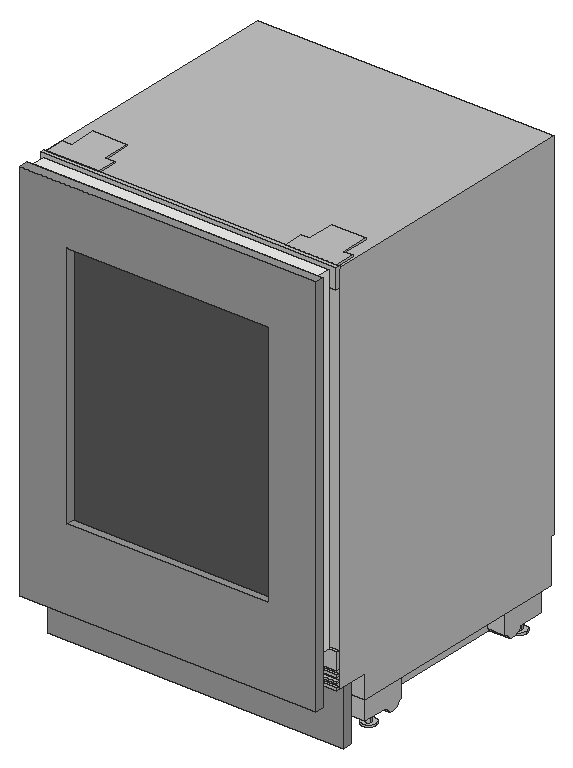
Revit family "FP-Revit19-en-RS2435V2RT1-RS2435V2R1-RS2435SBLT1-RS2435SBL1-integrated-refrigerator-0-90003380A", category Specialty Equipment, Revit 2019
Family settings
  Round Connector Dimension = Use Diameter
  Part Type = Normal
  OmniClass Number = 23.40.40.11.11
  OmniClass Title = Refrigerators and Freezers
  Work Plane-Based = No
  Always vertical = Yes
  Cut with Voids When Loaded = Yes
  Shared = No
  Room Calculation Point = No
Parameters (values of type "RS2435V2RT1")
  Visibility - Window Glass = yes
  Visibility - Toe Kick Panel [instance] = yes
  Visibility - Clearance Required RH [instance] = yes
  Visibility - Clearance Required LH [instance] = no
  URL = "www.fisherpaykel.com"
  Door Panel (with window) [instance] = yes
  Panel - Height = 771 mm
  Panel - Width [instance] = 592 mm
  Panel - Thickness [instance] = 18 mm
  Door Panel (no window) [instance] = no
  Product - Width = 592 mm  # constant formula
  Product - Height [instance] = ([Cavity - Height (864mm - 920mm)])  # 870 mm
  Product - Depth (exl front panel) = 579 mm  # constant formula
  Model = "RS2435V2RT1"
  Material - Door Structure = Fisher & Paykel - White
  Material - Door Front [instance] = Oak, White
  Material - Body = Fisher & Paykel - Grey
  Manufacturer = "Fisher & Paykel Appliances"
  Handle Style - Professional Round Flush (AHP3RD35) [instance] = no
  Handle Style - Contemporary Square Fine Black (AHD5RD35B) [instance] = no
  Handle Style - Contemporary Square Fine (AHD5RD35) [instance] = no
  Handle Style - Contemporary Round (AHSRD35) [instance] = no
  Handle Style - Classic Round (AHCLRD35) [instance] = no
  Handle Offset = 529 mm
  Description = "24\" Integrated Wine Cabinet"
  Depth of toe kick (excl. door and toe kick panels) [instance] = 70 mm
  Connector Description - Electrical = "120 V, 60 Hz, 10 A circuit"
  Cavity - Width = 600 mm  # constant formula
  Cavity - Height (864mm - 920mm) [instance] = 870 mm
  Cavity - Depth (600mm min with services external) = 600 mm
Types (5, lengths in mm): name | Visibility - Window Glass | Visibility - Clearance Required RH | Visibility - Clearance Required LH | Door Panel (with window) | Door Panel (no window) | Model | Handle Offset | Description
  (no name) | yes | yes | no | yes | no | "RS2435V2RT1" | 529 | "24\" Integrated Wine Cabinet"
  RS2435V2RT1 | yes | yes | no | yes | no | "RS2435V2RT1" | 529 | "24\" Integrated Wine Cabinet"
  RS2435SBL1 | no | no | yes | no | yes | "RS2435SBL1" | 62.95 | "24\" Integrated Beverage Centre"
  RS2435V2R1 | no | yes | no | no | yes | "RS2435V2R1" | 529 | "24\" Integrated Wine Cabinet"
  RS2435SBLT1 | yes | no | yes | yes | no | "RS2435SBLT1" | 62.95 | "24\" Integrated Beverage Centre"
Reference planes
  plane 1 "Datum": y = 0
  plane 2: z = 0
  plane 3 "Center (Left/Right)": x = 0
  plane 4 "Product LHS": x = -296
  plane 5 "Product RHS": x = 296
  plane 6 "Cavity LHS": x = -300
  plane 7 "Cavity RHS": x = 300
  plane 8 "Cavity - Depth": y = 582
  plane 9 "Cavity Height": z = 870
  plane 10 "Panel Thickness": y = -18
  plane 11 "Base": z = 15.3
  plane 12 "Top of Panel": z = 867
  plane 13 "Product - Depth": y = 579
  plane 14 "handle - offset": x = -233
  plane 15 "Handle - Centre": z = 497
  plane 16 "Bottom of Panel": z = 96
Forms (mm)
  Extrusion 1, solid, material "Fisher & Paykel - Grey" <- "Material - Body"
    sketch origin (0, 0, 0) x (0, 1, 0) y (0, 0, 1)
      loop
        line (105, 63.3) -> (571, 63.3) -> (571, 151) -> (579, 151) -> (579, 867) -> (43, 867) -> (43, 111) -> (105, 111) -> (105, 63.3)
    from -296 to 296
  Extrusion 2, solid, material "Fisher & Paykel - Grey" <- "Material - Body"
    sketch origin (0, 0, 0) x (1, 0, 0) y (0, 0, 1)
      loop
        circle (87.01, 32.007) r 5
    from -579 to -571
  Extrusion 3, solid, material "Oak, White" <- "Material - Door Front", visible <- "Door Panel (no window)"
    sketch origin (0, 0, 21.503) x (0, 1, 0) y (0, 0, 1)
      loop
        line (-18, 845.497) -> (-18, 74.497) -> (0, 74.497) -> (0, 845.497) -> (-18, 845.497)
    from -296 to 296
  Extrusion 4, solid, material "Fisher & Paykel - White" <- "Material - Door Structure"
    sketch origin (0, 0, 0) x (1, 0, 0) y (0, 1, 0)
      loop
        line (-286, 29) -> (-286, 1.5) -> (286, 1.5) -> (286, 29) -> (-286, 29)
    from 184.7 to 865.7
  Extrusion 5, solid, material "Fisher & Paykel - White" <- "Material - Door Structure"
    sketch origin (0, 0, 0) x (1, 0, 0) y (0, 1, 0)
      loop
        line (-275, 43) -> (-275, 29) -> (275, 29) -> (275, 43) -> (-275, 43)
    from 185 to 830
  Extrusion 6, solid, material "Fisher & Paykel - Clearance Required", visible <- "Visibility - Clearance Required LH", detail levels coarse
    sketch origin (0, -8.858, 0) x (1, 0, 0) y (0, 1, 0)
      loop
        line (296, -9.142) -> (300, -9.142) -> (300, 590.858) -> (-300, 590.858) -> (-300, -9.142) -> (-539.267, -524.083)
        arc (-539.267, -524.083) -> (23.116, -501.405) -> (296, -9.142) r 574.255
    from 0 to 870
  Extrusion 7, solid, material "Fisher & Paykel - Grey" <- "Material - Body", detail levels fine
    sketch origin (0, 0, 0) x (0, 1, 0) y (0, 0, 1)
      loop
        line (36, 179.6) -> (36, 146.3) -> (43, 146.3) -> (43, 179.6) -> (36, 179.6)
      loop
        line (36, 138.3) -> (36, 134.3) -> (43, 134.3) -> (43, 138.3) -> (36, 138.3)
      loop
        line (36, 115) -> (36, 111) -> (43, 111) -> (43, 115) -> (36, 115)
      loop
        line (36, 126.65) -> (36, 122.65) -> (43, 122.65) -> (43, 126.65) -> (36, 126.65)
      loop
        line (33.9, 870) -> (33.9, 830) -> (43, 830) -> (43, 870) -> (33.9, 870)
    from -296 to 296
  Extrusion 8, solid, material "Fisher & Paykel - Grey" <- "Material - Body"
    sketch origin (0, 0, 0) x (0, 1, 0) y (0, 0, 1)
      loop
        line (105, 63.3) -> (105, 15.3) -> (571, 15.3) -> (571, 63.3) -> (105, 63.3)
    from -256 to 256
  Extrusion 9, solid, material "Oak, White" <- "Material - Door Front", visible <- "Visibility - Toe Kick Panel"
    sketch origin (0, 0, 0) x (0, 1, 0) y (0, 0, 1)
      loop
        line (52, 110.303) -> (52, 0) -> (70, 0) -> (70, 110.303) -> (52, 110.303)
    from -296 to 296
  Extrusion 10, solid, material "Fisher & Paykel - Grey" <- "Material - Body"
    sketch origin (0, 0, 0) x (1, 0, 0) y (0, 1, 0)
      loop
        circle (276, 517.6) r 14.483
      loop
        circle (276, 140.6) r 14.5
      loop
        circle (-276, 517.6) r 14.483
      loop
        circle (-276, 140.6) r 14.5
    from 0 to 3
  Extrusion 11, solid, material "Fisher & Paykel - Grey" <- "Material - Body"
    sketch origin (0, 0, 0) x (1, 0, 0) y (0, 1, 0)
      loop
        circle (276, 517.6) r 5
      loop
        circle (276, 140.6) r 5
      loop
        circle (-276, 517.6) r 5
      loop
        circle (-276, 140.6) r 5
    from 3 to 63.3
  Extrusion 12, solid, material "Fisher & Paykel - Grey" <- "Material - Body", detail levels fine
    sketch origin (0, 0, 0) x (0, 1, 0) y (0, 0, 1)
      loop
        line (70, 71) -> (105, 71) -> (105, 111) -> (70, 111) -> (70, 71)
    from 224 to 226
  Extrusion 13, solid, material "Fisher & Paykel - Grey" <- "Material - Body", detail levels fine
    sketch origin (0, 0, 0) x (0, 1, 0) y (0, 0, -1)
      loop
        line (70, -71) -> (70, -111) -> (105, -111) -> (105, -71) -> (70, -71)
    from 224 to 226
  Extrusion 14, void
    sketch origin (0, 1000, 0) x (1, 0, 0) y (0, 1, 0)
      loop
        line (-300, -418) -> (-300, -1018) -> (300, -1018) -> (300, -418) -> (-300, -418)
    from 0 to 870
  Extrusion 15, solid, material "Oak, White" <- "Material - Door Front", visible <- "Door Panel (with window)"
    sketch origin (0, 0, -1.5) x (1, 0, 0) y (0, 0, 1)
      loop
        line (-296, 868.5) -> (-296, 97.5) -> (296, 97.5) -> (296, 868.5) -> (-296, 868.5)
      loop
        line (201.95, 259.5) -> (201.95, 755.5) -> (-202, 755.5) -> (-202, 259.5) -> (201.95, 259.5)
    from 0 to 18
  Extrusion 16, solid, material "Fisher & Paykel - Black", visible <- "Visibility - Window Glass"
    sketch origin (0, 0, 0) x (1, 0, 0) y (0, 0, 1)
      loop
        line (201.95, 754) -> (-202, 754) -> (-202, 258) -> (201.95, 258) -> (201.95, 754)
    from 0 to 1
  Extrusion 17, solid, material "Fisher & Paykel - Grey" <- "Material - Body", detail levels medium+fine
    sketch origin (0, 0, 0) x (0, 1, 0) y (0, 0, 1)
      loop
        line (199.6, 63.3) -> (109.6, 63.3) -> (109.6, 22.3) -> (161.9, 22.3)
        arc (161.9, 22.3) -> (179.6, 10.207) -> (197.3, 22.3) r 19
        line (197.3, 22.3) -> (199.6, 22.3) -> (199.6, 63.3)
      loop
        line (460.6, 63.3) -> (460.6, 22.3) -> (462.9, 22.3)
        arc (462.9, 22.3) -> (480.6, 10.207) -> (498.3, 22.3) r 19
        line (498.3, 22.3) -> (550.6, 22.3) -> (550.6, 63.3) -> (460.6, 63.3)
    from 256 to 293
  Extrusion 18, solid, material "Fisher & Paykel - Clearance Required", visible <- "Visibility - Clearance Required RH", detail levels coarse
    sketch origin (0, -8.858, 0) x (-1, 0, 0) y (0, -1, 0)
      loop
        arc (296, 9.142) -> (23.116, 501.405) -> (-539.267, 524.083) r 574.255
        line (-539.267, 524.083) -> (-300, 9.142) -> (-300, -590.858) -> (300, -590.858) -> (300, 9.142) -> (296, 9.142)
    from 0 to 870
  Extrusion 19, solid, material "Fisher & Paykel - Grey" <- "Material - Body"
    sketch origin (0, 0, 0) x (0, 1, 0) y (0, 0, -1)
      loop
        line (199.6, -63.3) -> (199.6, -22.3) -> (197.3, -22.3)
        arc (197.3, -22.3) -> (179.6, -10.207) -> (161.9, -22.3) r 19
        line (161.9, -22.3) -> (109.6, -22.3) -> (109.6, -63.3) -> (199.6, -63.3)
      loop
        line (460.6, -63.3) -> (550.6, -63.3) -> (550.6, -22.3) -> (498.3, -22.3)
        arc (498.3, -22.3) -> (480.6, -10.207) -> (462.9, -22.3) r 19
        line (462.9, -22.3) -> (460.6, -22.3) -> (460.6, -63.3)
    from 256 to 293
  Extrusion 20, solid, material "Fisher & Paykel - Grey" <- "Material - Body"
    sketch origin (0, 0, 870) x (1, 0, 0) y (0, 1, 0)
      loop
        line (-273, 137) -> (-273, 83) -> (-291, 83) -> (-291, 43) -> (-187, 43) -> (-187, 83) -> (-205, 83) -> (-205, 137) -> (-273, 137)
      loop
        line (273, 137) -> (205, 137) -> (205, 83) -> (187, 83) -> (187, 43) -> (291, 43) -> (291, 83) -> (273, 83) -> (273, 137)
    from -3 to 0
Cuts and joins
  joined: Extrusion 1, Extrusion 8, Extrusion 20
Text (mm)
  text "Due to ongoing product development, product details are subject to change without notice. \nPlease always refer to www.fisherpaykel.com for the most current product information. \n© Fisher & Paykel 2020" at (41.04, -678.295, 0), in view "Ref. Level (Plan)"
Dimensions and locks
  equal spacing: plane 4 "Product LHS", plane 3 "Center (Left/Right)", plane 5 "Product RHS"
  "Product - Width": plane 4 "Product LHS" to plane 5 "Product RHS"
  equal spacing: plane 6 "Cavity LHS", plane 3 "Center (Left/Right)", plane 7 "Cavity RHS"
  "Cavity - Width": plane 6 "Cavity LHS" to plane 7 "Cavity RHS"
  Extrusion 2 sketch curve to plane 5 "Product RHS" = 208.99 mm
  "Panel - Thickness": Extrusion 9 to Extrusion 9
  "Depth of toe kick (excl. door and toe kick panels)": plane 1 "Datum" to Extrusion 9
  "Panel - Thickness": plane 10 "Panel Thickness" to plane 1 "Datum"
  locked: Extrusion 9 to cut or joined group of Extrusion 1, Extrusion 8, Extrusion 20 at 0.697
  equal spacing: Extrusion 3, plane 3 "Center (Left/Right)", Extrusion 3
  "Panel - Width": Extrusion 3 to Extrusion 3
  "Cavity - Depth (600mm min with services external)": plane 10 "Panel Thickness" to plane 8 "Cavity - Depth"
  equal spacing: Extrusion 15, plane 3 "Center (Left/Right)", Extrusion 15
  "Panel - Width": Extrusion 15 to Extrusion 15
  locked: cut or joined group of Extrusion 1, Extrusion 8, Extrusion 20 to plane 9 "Cavity Height" at 3  (x2)
  locked: Extrusion 4 to plane 9 "Cavity Height" at 4.3
  locked: Extrusion 5 to plane 9 "Cavity Height" at 40
  locked: cut or joined group of Extrusion 1, Extrusion 8, Extrusion 20 to plane 11 "Base" at 95.7
  "Product - Depth (exl front panel)": plane 1 "Datum" to plane 13 "Product - Depth"
  "Handle Offset": plane 14 "handle - offset" to plane 5 "Product RHS"
  locked: plane 9 "Cavity Height" to plane 11 "Base" at 854.7
  "Cavity - Height (864mm - 920mm)": plane 9 "Cavity Height" to level
  locked: Extrusion 4 to plane 9 "Cavity Height" at 685.3
  locked: Extrusion 5 to plane 9 "Cavity Height" at 685
  locked: plane 9 "Cavity Height" to Extrusion 7 at 690.4
  plane 15 "Handle - Centre" to plane 12 "Top of Panel" = 370 mm
  plane 12 "Top of Panel" to plane 9 "Cavity Height" = 3 mm
  locked: plane 12 "Top of Panel" to Extrusion 15 at 113
  Extrusion 16 to plane 3 "Center (Left/Right)" to Extrusion 16 = 202 mm locked, 201.95 mm locked
  locked: Extrusion 15 to Extrusion 15 at 496
  "Panel - Height": plane 16 "Bottom of Panel" to plane 12 "Top of Panel"
  locked: Extrusion 20 sketch curve to Extrusion 20 sketch curve at 104  (x2)
  locked: plane 11 "Base" to cut or joined group of Extrusion 1, Extrusion 8, Extrusion 20 at 48
  locked: cut or joined group of Extrusion 1, Extrusion 8, Extrusion 20 to plane 13 "Product - Depth" at 474
  radius of Extrusion 2 sketch curve = 5 mm
  aligned and locked: level to plane 2
  aligned and locked: Extrusion 1 to plane 5 "Product RHS"
  aligned and locked: plane 4 "Product LHS" to Extrusion 1
  aligned and locked: Extrusion 2 to cut or joined group of Extrusion 1, Extrusion 8, Extrusion 20
  aligned and locked: Extrusion 8 to plane 11 "Base"
  aligned and locked: Extrusion 12 to cut or joined group of Extrusion 1, Extrusion 8, Extrusion 20  (x3)
  aligned and locked: Extrusion 12 to Extrusion 13
  aligned and locked: plane 6 "Cavity LHS" to Extrusion 14
  aligned and locked: Extrusion 14 to plane 7 "Cavity RHS"
  aligned and locked: Extrusion 14 to plane 9 "Cavity Height"
  aligned and locked: Extrusion 14 to level
  aligned and locked: plane 10 "Panel Thickness" to Extrusion 14
  aligned and locked: plane 8 "Cavity - Depth" to Extrusion 14
  aligned and locked: plane 10 "Panel Thickness" to nested 4
  aligned and locked: Extrusion 5 to Extrusion 4
  aligned and locked: Extrusion 15 to plane 1 "Datum"
  aligned and locked: plane 10 "Panel Thickness" to Extrusion 15
  aligned and locked: Extrusion 15 to plane 12 "Top of Panel"
  aligned and locked: Extrusion 3 to plane 12 "Top of Panel"
  aligned and locked: Extrusion 14 to Extrusion 7
  aligned and locked: Extrusion 7 to Extrusion 5
  aligned and locked: Extrusion 15 to Extrusion 16 sketch curve
  aligned and locked: Extrusion 16 to plane 1 "Datum"
  aligned and locked: Extrusion 1 sketch curve to plane 13 "Product - Depth"
  aligned and locked: plane 14 "handle - offset" to nested 4
  aligned and locked: plane 14 "handle - offset" to nested 3
  aligned and locked: plane 14 "handle - offset" to nested 1
  aligned and locked: plane 14 "handle - offset" to nested 2
  aligned and locked: nested 2 to plane 15 "Handle - Centre"
  aligned and locked: nested 4 to plane 15 "Handle - Centre"
  aligned and locked: nested 3 to plane 15 "Handle - Centre"
  aligned and locked: Extrusion 6 to plane 9 "Cavity Height"
  aligned and locked: nested 1 to plane 15 "Handle - Centre"
  aligned and locked: Extrusion 18 to plane 9 "Cavity Height"
  aligned and locked: Extrusion 19 sketch curve to Extrusion 19 sketch curve
  aligned and locked: Extrusion 18 sketch curve to plane 6 "Cavity LHS"
  aligned and locked: Extrusion 18 sketch curve to plane 8 "Cavity - Depth"
  aligned and locked: plane 7 "Cavity RHS" to Extrusion 18 sketch curve
  aligned and locked: Extrusion 6 to plane 7 "Cavity RHS"
  aligned and locked: plane 8 "Cavity - Depth" to Extrusion 6
  aligned and locked: plane 6 "Cavity LHS" to Extrusion 6
  aligned and locked: Extrusion 16 to Extrusion 15  (x2)
  aligned and locked: Extrusion 12 to Extrusion 9
  aligned and locked: Extrusion 13 to Extrusion 9
  aligned and locked: nested 5 to plane 15 "Handle - Centre"
  aligned and locked: plane 14 "handle - offset" to nested 5
  aligned and locked: plane 16 "Bottom of Panel" to Extrusion 15
  aligned and locked: plane 16 "Bottom of Panel" to Extrusion 3
  aligned and locked: Extrusion 3 to Extrusion 20
  aligned and locked: Extrusion 20 to plane 9 "Cavity Height"
  aligned and locked: Extrusion 11 to cut or joined group of Extrusion 1, Extrusion 8, Extrusion 20
  aligned and locked: Extrusion 17 to cut or joined group of Extrusion 1, Extrusion 8, Extrusion 20  (x2)
  aligned and locked: Extrusion 19 to cut or joined group of Extrusion 1, Extrusion 8, Extrusion 20
  aligned and locked: Extrusion 19 sketch curve to Extrusion 17
  aligned and locked: Extrusion 1 to Extrusion 8
  aligned and locked: Extrusion 13 to cut or joined group of Extrusion 1, Extrusion 8, Extrusion 20
  aligned and locked: plane 10 "Panel Thickness" to nested 2
  aligned and locked: plane 10 "Panel Thickness" to nested 3
  aligned and locked: plane 14 "handle - offset" to nested 6
  aligned and locked: plane 10 "Panel Thickness" to nested 6
  aligned and locked: nested 6 to plane 15 "Handle - Centre"
  aligned and locked: plane 10 "Panel Thickness" to nested 5
  aligned and locked: plane 10 "Panel Thickness" to nested 1
  aligned and locked: cut or joined group of Extrusion 1, Extrusion 8, Extrusion 20 to cut or joined group of Extrusion 1, Extrusion 8, Extrusion 20
  aligned and locked: Extrusion 1 to Extrusion 20  (x2)
Automatic sketch dimensions
  Extrusion 3 sketch curve to plane 10 "Panel Thickness" = 0 mm
  Extrusion 3 sketch curve to plane 1 "Datum" = 0 mm
  plane 12 "Top of Panel" to Extrusion 3 sketch curve = 0 mm
  Extrusion 4 sketch curve to plane 1 "Datum" = 1.5 mm
  Extrusion 4 sketch curve to plane 4 "Product LHS" = 10 mm
  plane 5 "Product RHS" to Extrusion 4 sketch curve = 10 mm
  Extrusion 4 sketch curve to Extrusion 4 sketch curve = 27.5 mm
  Extrusion 5 sketch curve to plane 4 "Product LHS" = 21 mm
  plane 5 "Product RHS" to Extrusion 5 sketch curve = 21 mm
  Extrusion 5 sketch curve to plane 1 "Datum" = 29 mm
  Extrusion 5 sketch curve to Extrusion 5 sketch curve = 14 mm
  plane 9 "Cavity Height" to Extrusion 7 sketch curve = 0 mm
  Extrusion 7 sketch curve to plane 1 "Datum" = 33.9 mm
  Extrusion 7 sketch curve to plane 1 "Datum" = 36 mm
  Extrusion 7 sketch curve to Extrusion 7 sketch curve = 0 mm  (x3)
  Extrusion 7 sketch curve to Extrusion 7 sketch curve = 7 mm  (x4)
  Extrusion 7 sketch curve to Extrusion 7 sketch curve = 9.1 mm
  plane 12 "Top of Panel" to Extrusion 7 sketch curve = 37 mm
  Extrusion 7 sketch curve to Extrusion 7 sketch curve = 33.3 mm
  Extrusion 7 sketch curve to Extrusion 7 sketch curve = 8 mm
  Extrusion 7 sketch curve to Extrusion 7 sketch curve = 4 mm  (x3)
  Extrusion 7 sketch curve to Extrusion 7 sketch curve = 7.65 mm  (x2)
  Extrusion 8 sketch curve to plane 11 "Base" = 0 mm
  Extrusion 8 sketch curve to plane 1 "Datum" = 105 mm
  Extrusion 8 sketch curve to plane 13 "Product - Depth" = 8 mm
  Extrusion 9 sketch curve to level = 0 mm
  Extrusion 9 sketch curve to plane 1 "Datum" = 52 mm
  Extrusion 9 sketch curve to Extrusion 9 sketch curve = 18 mm
  Extrusion 10 sketch curve to plane 4 "Product LHS" = 20 mm  (x2)
  plane 5 "Product RHS" to Extrusion 10 sketch curve = 20 mm  (x2)
  Extrusion 10 sketch curve to plane 1 "Datum" = 140.6 mm  (x2)
  Extrusion 10 sketch curve to plane 13 "Product - Depth" = 61.4 mm  (x2)
  Extrusion 11 sketch curve to plane 4 "Product LHS" = 20 mm  (x2)
  plane 5 "Product RHS" to Extrusion 11 sketch curve = 20 mm  (x2)
  Extrusion 11 sketch curve to plane 1 "Datum" = 140.6 mm  (x2)
  Extrusion 11 sketch curve to plane 13 "Product - Depth" = 61.4 mm  (x2)
  Extrusion 12 sketch curve to plane 1 "Datum" = 70 mm
  Extrusion 12 sketch curve to Extrusion 12 sketch curve = 35 mm
  Extrusion 13 sketch curve to plane 1 "Datum" = 70 mm
  Extrusion 13 sketch curve to Extrusion 13 sketch curve = 35 mm
  Extrusion 14 sketch curve to plane 6 "Cavity LHS" = 0 mm
  Extrusion 14 sketch curve to plane 7 "Cavity RHS" = 0 mm
  plane 10 "Panel Thickness" to Extrusion 14 sketch curve = 0 mm
  Extrusion 14 sketch curve to plane 8 "Cavity - Depth" = 0 mm
  Extrusion 18 sketch curve to plane 4 "Product LHS" = 0 mm
  plane 10 "Panel Thickness" to Extrusion 18 sketch curve = 0 mm  (x2)
  plane 7 "Cavity RHS" to Extrusion 18 sketch curve = 239.267 mm
  Extrusion 18 sketch curve to plane 10 "Panel Thickness" = 3.437 mm
  Extrusion 18 sketch curve to plane 5 "Product RHS" = 17.755 mm
  Extrusion 6 sketch curve to plane 6 "Cavity LHS" = 0 mm
  Extrusion 6 sketch curve to plane 5 "Product RHS" = 0 mm
  Extrusion 6 sketch curve to plane 7 "Cavity RHS" = 0 mm
  plane 10 "Panel Thickness" to Extrusion 6 sketch curve = 0 mm  (x2)
  Extrusion 6 sketch curve to plane 8 "Cavity - Depth" = 0 mm
  plane 10 "Panel Thickness" to Extrusion 6 sketch curve = 3.437 mm
  Extrusion 6 sketch curve to plane 4 "Product LHS" = 17.755 mm
  plane 6 "Cavity LHS" to Extrusion 6 sketch curve = 239.267 mm
  Extrusion 16 sketch curve to plane 4 "Product LHS" = 94 mm
  Extrusion 16 sketch curve to plane 14 "handle - offset" = 434.95 mm
  plane 4 "Product LHS" to Extrusion 15 sketch curve = 0 mm
  plane 5 "Product RHS" to Extrusion 15 sketch curve = 0 mm
  plane 12 "Top of Panel" to Extrusion 15 sketch curve = 0 mm
  Extrusion 15 sketch curve to plane 4 "Product LHS" = 94 mm
  Extrusion 15 sketch curve to plane 14 "handle - offset" = 434.95 mm
  plane 12 "Top of Panel" to Extrusion 15 sketch curve = 113 mm
  plane 11 "Base" to Extrusion 3 sketch curve = 80.7 mm
  plane 11 "Base" to Extrusion 7 sketch curve = 164.3 mm
  Extrusion 8 sketch curve to Extrusion 8 sketch curve = 48 mm
  plane 11 "Base" to Extrusion 9 sketch curve = 95.003 mm
  plane 11 "Base" to Extrusion 12 sketch curve = 55.7 mm
  Extrusion 12 sketch curve to Extrusion 12 sketch curve = 40 mm
  plane 11 "Base" to Extrusion 13 sketch curve = 95.7 mm
  Extrusion 13 sketch curve to Extrusion 13 sketch curve = 40 mm
  plane 15 "Handle - Centre" to Extrusion 15 sketch curve = 239 mm
  plane 11 "Base" to Extrusion 15 sketch curve = 80.7 mm
  plane 15 "Handle - Centre" to Extrusion 16 sketch curve = 239 mm
  Extrusion 20 sketch curve to plane 4 "Product LHS" = 5 mm
  Extrusion 20 sketch curve to Extrusion 20 sketch curve = 18 mm  (x3)
  plane 5 "Product RHS" to Extrusion 20 sketch curve = 23 mm
  Extrusion 20 sketch curve to plane 1 "Datum" = 43 mm  (x2)
  Extrusion 20 sketch curve to Extrusion 20 sketch curve = 40 mm  (x4)
  Extrusion 20 sketch curve to Extrusion 20 sketch curve = 54 mm  (x2)
  plane 5 "Product RHS" to Extrusion 20 sketch curve = 5 mm
  Extrusion 1 sketch curve to plane 13 "Product - Depth" = 8 mm
  plane 16 "Bottom of Panel" to Extrusion 1 sketch curve = 32.7 mm
  Extrusion 1 sketch curve to plane 1 "Datum" = 105 mm
  plane 12 "Top of Panel" to Extrusion 1 sketch curve = 0 mm
  Extrusion 1 sketch curve to plane 1 "Datum" = 43 mm
  Extrusion 1 sketch curve to plane 16 "Bottom of Panel" = 15 mm
  Extrusion 1 sketch curve to plane 16 "Bottom of Panel" = 55 mm
  plane 11 "Base" to Extrusion 2 sketch curve = 16.707 mm
  plane 16 "Bottom of Panel" to Extrusion 17 sketch curve = 32.7 mm  (x2)
  Extrusion 17 sketch curve to plane 1 "Datum" = 109.6 mm
  plane 11 "Base" to Extrusion 17 sketch curve = 7 mm  (x4)
  Extrusion 17 sketch curve to Extrusion 17 sketch curve = 52.3 mm
  plane 11 "Base" to Extrusion 17 sketch curve = 13.907 mm  (x2)
  Extrusion 17 sketch curve to Extrusion 17 sketch curve = 17.7 mm  (x2)
  Extrusion 17 sketch curve to Extrusion 17 sketch curve = 2.3 mm  (x2)
  Extrusion 17 sketch curve to plane 13 "Product - Depth" = 118.4 mm
  Extrusion 17 sketch curve to plane 13 "Product - Depth" = 28.4 mm
  plane 16 "Bottom of Panel" to Extrusion 19 sketch curve = 32.7 mm
  Extrusion 19 sketch curve to plane 1 "Datum" = 109.6 mm
  plane 11 "Base" to Extrusion 19 sketch curve = 7 mm  (x4)
  Extrusion 19 sketch curve to Extrusion 19 sketch curve = 52.3 mm
  plane 11 "Base" to Extrusion 19 sketch curve = 13.907 mm  (x2)
  Extrusion 19 sketch curve to Extrusion 19 sketch curve = 17.7 mm  (x2)
  Extrusion 19 sketch curve to Extrusion 19 sketch curve = 2.3 mm  (x2)
  Extrusion 19 sketch curve to plane 13 "Product - Depth" = 118.4 mm
  radius of Extrusion 10 sketch curve = 14.483 mm  (x2)
  radius of Extrusion 10 sketch curve = 14.5 mm  (x2)
  radius of Extrusion 11 sketch curve = 5 mm  (x4)
Nested families
  nested 1: "F&P Handle Kit - Contemporary Square Fine - Vertical" at (-233, -18, 497), visible <- "Handle Style - Contemporary Square Fine (AHD5RD35)", type "AHD5RD35 - Contemporary square fine handle (vertical) 494mm"
  nested 2: "F&P Handle Kit - Professional Round Flush - Vertical" at (-233, -18, 497), visible <- "Handle Style - Professional Round Flush (AHP3RD35)", type "AHP3RD35 - Professional round flush handle (vertical) 444mm"
  nested 3: "F&P Handle Kit - Contemporary Round - Vertical" at (-233, -18, 497), visible <- "Handle Style - Contemporary Round (AHSRD35)", type "AHSRD35 - Contemporary round handle (vertical) 494mm"
  nested 4: "F&P Handle Kit - Classic Round - Vertical" at (-233, -18, 497), visible <- "Handle Style - Classic Round (AHCLRD35)", type "AHCLRD35 - Classic round handle (vertical) 494mm"
  nested 5: "F&P Handle Kit - Contemporary Square Fine - Vertical" at (-233, -18, 497), visible <- "Handle Style - Contemporary Square Fine Black (AHD5RD35B)", type "AHD5RD35B - Contemporary square fine handle Black (vertical) 494mm"
  nested 6: "F&P Handle Kit - Classic Round - Vertical" at (-233, -18, 497), visible <- "Handle Style - Classic Round (AHCLRD35)", type "AHCLRD35 - Classic round handle (vertical) 494mm"
Connectors
  electrical at (87.01, 579, 32.007), driven by "Connector Description - Electrical"
    settings: on Extrusion 2, index 1, voltage 120 V, apparent load 0 VA, apparent load phase1 0 VA, apparent load phase2 0 VA, apparent load phase3 0 VA, power factor 1, load classification "Other", number of poles 1, system type 30, power factor state 1, is connector primary yes, connector utility no, sub classification motor no, connector description "120 V, 60 Hz, 10 A circuit"
Definition of nested family "F&P Handle Kit - Contemporary Square Fine - Vertical"
  Parameters (values of type "AHD5RD09B - Contemporary square fine handle Black (vertical) 494mm")
    URL = "www.fisherpaykel.com"
    Material - Handle = none
    Manufacturer = "Fisher & Paykel Appliances"
    Handle - Length = 494 mm
  Types (2): name
    AHD5RD09 - Contemporary square fine handle (vertical) 494mm
    AHD5RD09B - Contemporary square fine handle Black (vertical) 494mm
  Reference planes
    plane 1 "Center (Front/Back)": y = 0
    plane 2: z = 0
    plane 3 "Center (Left/Right)": x = 0
    plane 4 "Top": z = 247
    plane 5 "Bottom": z = -247
    plane 6 "Top Standoff": z = 127
    plane 7 "Bottom Standoff": z = -127
  Forms (mm)
    Extrusion 1, solid, material <- "Material - Handle", detail levels fine
      sketch origin (0, 0, 0) x (1, 0, 0) y (0, 1, 0)
        loop
          arc (-6.16, -26.813) -> (-6.554, -27.196) -> (-6.686, -27.728) r 1
          line (-6.686, -27.728) -> (-6.256, -40.035)
          arc (-6.256, -40.035) -> (-5.951, -40.719) -> (-5.257, -41) r 1
          line (-5.257, -41) -> (5.257, -41)
          arc (5.257, -41) -> (5.951, -40.719) -> (6.256, -40.035) r 1
          line (6.256, -40.035) -> (6.686, -27.709)
          arc (6.686, -27.709) -> (6.554, -27.175) -> (6.158, -26.792) r 1
          arc (6.158, -26.792) -> (-0.004, -25.256) -> (-6.16, -26.813) r 13.038
      from -247 to 247
    Extrusion 2, solid, material <- "Material - Handle", detail levels fine
      sketch origin (0, 0, 0) x (1, 0, 0) y (0, 1, 0)
        loop
          arc (6.012, -26.626) -> (6.494, -26.614) -> (6.741, -26.2) r 0.5
          line (6.741, -26.2) -> (7.7, 0) -> (-7.7, 0) -> (-6.742, -26.174)
          arc (-6.742, -26.174) -> (-6.496, -26.587) -> (-6.015, -26.6) r 0.5
          arc (-6.015, -26.6) -> (0.002, -25.156) -> (6.012, -26.626) r 13.136
      from 127 to 247
    Extrusion 3, solid, material <- "Material - Handle", detail levels coarse+medium
      sketch origin (0, 0, 0) x (0, 1, 0) y (0, 0, 1)
        loop
          line (0, 247) -> (-42, 247) -> (-42, -247) -> (0, -247) -> (0, -127) -> (-26.245, -127) -> (-26.245, 127) -> (0, 127) -> (0, 247)
      from -8 to 8
    Extrusion 4, solid, material <- "Material - Handle", detail levels fine
      sketch origin (0, 0, 0) x (1, 0, 0) y (0, 1, 0)
        loop
          arc (6.012, -26.626) -> (6.494, -26.614) -> (6.741, -26.2) r 0.5
          line (6.741, -26.2) -> (7.7, 0) -> (-7.7, 0) -> (-6.742, -26.174)
          arc (-6.742, -26.174) -> (-6.496, -26.587) -> (-6.015, -26.6) r 0.5
          arc (-6.015, -26.6) -> (0.002, -25.156) -> (6.012, -26.626) r 13.136
      from -247 to -127
  Dimensions and locks
    equal spacing: plane 4 "Top", level, plane 5 "Bottom"
    "Handle - Length": plane 4 "Top" to plane 5 "Bottom"
    locked: plane 4 "Top" to plane 6 "Top Standoff" at 120
    locked: plane 7 "Bottom Standoff" to plane 5 "Bottom" at 120
    aligned and locked: level to plane 2
    aligned and locked: plane 4 "Top" to Extrusion 2
    aligned and locked: Extrusion 2 to plane 6 "Top Standoff"
    aligned and locked: plane 4 "Top" to Extrusion 1
    aligned and locked: Extrusion 1 to plane 5 "Bottom"
    aligned and locked: plane 4 "Top" to Extrusion 3 sketch curve
    aligned and locked: plane 6 "Top Standoff" to Extrusion 3 sketch curve
    aligned and locked: plane 7 "Bottom Standoff" to Extrusion 3 sketch curve
    aligned and locked: plane 5 "Bottom" to Extrusion 3 sketch curve
    aligned and locked: Extrusion 4 to plane 5 "Bottom"
    aligned and locked: plane 7 "Bottom Standoff" to Extrusion 4
  Automatic sketch dimensions
    Extrusion 1 sketch curve to plane 3 "Center (Left/Right)" = 6.686 mm
    Extrusion 1 sketch curve to plane 3 "Center (Left/Right)" = 6.256 mm
    Extrusion 1 sketch curve to Extrusion 1 sketch curve = 0.999 mm  (x4)
    plane 3 "Center (Left/Right)" to Extrusion 1 sketch curve = 0.018 mm
    plane 3 "Center (Left/Right)" to Extrusion 1 sketch curve = 5.257 mm
    plane 3 "Center (Left/Right)" to Extrusion 1 sketch curve = 5.687 mm
    plane 1 "Center (Front/Back)" to Extrusion 1 sketch curve = 41 mm
    Extrusion 1 sketch curve to Extrusion 1 sketch curve = 0.965 mm  (x2)
    Extrusion 1 sketch curve to Extrusion 1 sketch curve = 1.706 mm
    Extrusion 1 sketch curve to Extrusion 1 sketch curve = 12.307 mm
    Extrusion 1 sketch curve to Extrusion 1 sketch curve = 12.326 mm
    Extrusion 1 sketch curve to Extrusion 1 sketch curve = 0.035 mm  (x2)
    Extrusion 1 sketch curve to Extrusion 1 sketch curve = 0 mm
    plane 1 "Center (Front/Back)" to Extrusion 2 sketch curve = 0 mm
    Extrusion 2 sketch curve to plane 3 "Center (Left/Right)" = 7.7 mm
    Extrusion 2 sketch curve to plane 3 "Center (Left/Right)" = 6.742 mm
    Extrusion 2 sketch curve to Extrusion 2 sketch curve = 0.5 mm  (x2)
    Extrusion 2 sketch curve to plane 3 "Center (Left/Right)" = 0.026 mm
    plane 3 "Center (Left/Right)" to Extrusion 2 sketch curve = 6.242 mm
    plane 3 "Center (Left/Right)" to Extrusion 2 sketch curve = 7.7 mm
    plane 1 "Center (Front/Back)" to Extrusion 2 sketch curve = 26.155 mm
    Extrusion 2 sketch curve to Extrusion 2 sketch curve = 0.018 mm  (x2)
    Extrusion 2 sketch curve to Extrusion 2 sketch curve = 0.026 mm
    Extrusion 2 sketch curve to Extrusion 2 sketch curve = 12.11 mm
    Extrusion 2 sketch curve to Extrusion 2 sketch curve = 0 mm
    plane 1 "Center (Front/Back)" to Extrusion 3 sketch curve = 42 mm
    Extrusion 3 sketch curve to Extrusion 3 sketch curve = 15.755 mm
    Extrusion 3 sketch curve to Extrusion 3 sketch curve = 42 mm  (x2)
    Extrusion 4 sketch curve to plane 3 "Center (Left/Right)" = 7.7 mm
    Extrusion 4 sketch curve to plane 3 "Center (Left/Right)" = 6.742 mm
    Extrusion 4 sketch curve to Extrusion 4 sketch curve = 0.5 mm  (x2)
    Extrusion 4 sketch curve to plane 3 "Center (Left/Right)" = 0.026 mm
    plane 3 "Center (Left/Right)" to Extrusion 4 sketch curve = 6.242 mm
    plane 3 "Center (Left/Right)" to Extrusion 4 sketch curve = 7.7 mm
    plane 1 "Center (Front/Back)" to Extrusion 4 sketch curve = 38.291 mm
    Extrusion 4 sketch curve to Extrusion 4 sketch curve = 12.091 mm
    Extrusion 4 sketch curve to Extrusion 4 sketch curve = 0.018 mm  (x2)
    Extrusion 4 sketch curve to Extrusion 4 sketch curve = 0.452 mm
    Extrusion 4 sketch curve to Extrusion 4 sketch curve = 26.174 mm
    Extrusion 4 sketch curve to Extrusion 4 sketch curve = 0 mm
Definition of nested family "F&P Handle Kit - Professional Round Flush - Vertical"
  Parameters (values of type "AHP3RD09 - Professional round flush handle (vertical) 444mm")
    URL = "www.fisherpaykel.com"
    Material - Handle = none
    Manufacturer = "Fisher & Paykel Appliances"
    Handle - Length = 444 mm
  Reference planes
    plane 1 "Center (Front/Back)": y = 0
    plane 2: z = 0
    plane 3 "Center (Left/Right)": x = 0
    plane 4 "Top": z = 222
    plane 5 "Bottom": z = -222
    plane 6 "Top Standoff": z = 162
    plane 7 "Bottom Standoff": z = -162
  Forms (mm)
    Extrusion 1, solid, material <- "Material - Handle", detail levels fine
      sketch origin (0, 0, 0) x (1, 0, 0) y (0, 1, 0)
        loop
          arc (-12.817, -46.665) -> (0, -58.016) -> (12.817, -46.665) r 12.912
          line (12.817, -46.665) -> (18.5, 0) -> (-18.5, 0) -> (-12.817, -46.665)
      from 162 to 222
    Extrusion 2, solid, material <- "Material - Handle", detail levels fine
      sketch origin (0, 0, 0) x (1, 0, 0) y (0, 1, 0)
        loop
          arc (-12.817, -46.665) -> (0, -58.016) -> (12.817, -46.665) r 12.912
          line (12.817, -46.665) -> (18.5, 0) -> (-18.5, 0) -> (-12.817, -46.665)
      from -222 to -162
    Extrusion 3, solid, material <- "Material - Handle"
      sketch origin (0, 0, 0) x (1, 0, 0) y (0, 1, 0)
        loop
          circle (0, -45.116) r 12.7
      from -162 to 162
    Sweep 4, void
      path in 3D
        loop
          line (18.5, 0, 222) -> (12.817, -46.665, 222)
          arc (12.817, -46.665, 222) -> (0, -58.016, 222) -> (-12.817, -46.665, 222) r 12.912
          line (-12.817, -46.665, 222) -> (-18.5, 0, 222)
      profile origin (0, -58.016, 222) x (0, -1, 0) y (0, 0, 1)
        loop
          line (0, 0) -> (-1.5, 0) -> (0, -1.5) -> (0, 0)
    Sweep 5, void
      path in 3D
        loop
          line (-18.5, 0, -222) -> (-12.817, -46.665, -222)
          arc (-12.817, -46.665, -222) -> (0, -58.016, -222) -> (12.817, -46.665, -222) r 12.912
          line (12.817, -46.665, -222) -> (18.5, 0, -222)
      profile origin (0, -58.016, -222) x (0, -1, 0) y (0, 0, -1)
        loop
          line (0, 0) -> (-1.5, 0) -> (0, -1.5) -> (0, 0)
    Extrusion 6, solid, material <- "Material - Handle", detail levels coarse+medium
      sketch origin (0, 0, 0) x (1, 0, 0) y (0, 1, 0)
        loop
          arc (-12.817, -46.665) -> (0, -58.016) -> (12.817, -46.665) r 12.912
          line (12.817, -46.665) -> (18.5, 0) -> (-18.5, 0) -> (-12.817, -46.665)
      from 162 to 222
    Extrusion 7, solid, material <- "Material - Handle", detail levels coarse+medium
      sketch origin (0, 0, 0) x (1, 0, 0) y (0, 1, 0)
        loop
          arc (-12.817, -46.665) -> (0, -58.016) -> (12.817, -46.665) r 12.912
          line (12.817, -46.665) -> (18.5, 0) -> (-18.5, 0) -> (-12.817, -46.665)
      from -222 to -162
  Cuts and joins
    Sweep 4 cuts Extrusion 1
    Sweep 5 cuts Extrusion 2
  Lines and regions (mm)
    sketch lines
      curve 1: arc (12.817, -46.665, 222) -> (0, -58.016, 222) -> (-12.817, -46.665, 222) r 12.912
      curve 2: line (12.817, -46.665, 222) -> (18.5, 0, 222)
      curve 3: line (-18.5, 0, 222) -> (-12.817, -46.665, 222)
      curve 4: arc (-12.817, -46.665, -222) -> (0, -58.016, -222) -> (12.817, -46.665, -222) r 12.912
      curve 5: line (18.5, 0, -222) -> (12.817, -46.665, -222)
      curve 6: line (-12.817, -46.665, -222) -> (-18.5, 0, -222)
  Dimensions and locks
    equal spacing: plane 4 "Top", level, plane 5 "Bottom"
    "Handle - Length": plane 4 "Top" to plane 5 "Bottom"
    plane 4 "Top" to plane 6 "Top Standoff" = 60 mm
    plane 7 "Bottom Standoff" to plane 5 "Bottom" = 60 mm
    aligned and locked: level to plane 2
    aligned and locked: plane 4 "Top" to Extrusion 1
    aligned and locked: Extrusion 1 to plane 6 "Top Standoff"
    aligned and locked: Extrusion 2 to plane 5 "Bottom"
    aligned and locked: plane 1 "Center (Front/Back)" to Extrusion 2 sketch curve
    aligned and locked: plane 6 "Top Standoff" to Extrusion 3
    aligned and locked: Extrusion 3 to plane 7 "Bottom Standoff"
    aligned and locked: Extrusion 6 to cut or joined group of Extrusion 1, Sweep 4
    aligned and locked: Extrusion 7 to cut or joined group of Extrusion 2, Sweep 5
    aligned and locked: plane 7 "Bottom Standoff" to Extrusion 7
    aligned and locked: plane 7 "Bottom Standoff" to cut or joined group of Extrusion 2, Sweep 5
    aligned and locked: Extrusion 6 to plane 6 "Top Standoff"
    aligned and locked: cut or joined group of Extrusion 1, Sweep 4 to plane 6 "Top Standoff"
  Automatic sketch dimensions
    plane 1 "Center (Front/Back)" to Extrusion 1 sketch curve = 0 mm
    Extrusion 1 sketch curve to plane 3 "Center (Left/Right)" = 0 mm
    Extrusion 1 sketch curve to plane 3 "Center (Left/Right)" = 12.817 mm
    Extrusion 1 sketch curve to plane 3 "Center (Left/Right)" = 18.5 mm
    plane 3 "Center (Left/Right)" to Extrusion 1 sketch curve = 12.817 mm
    plane 3 "Center (Left/Right)" to Extrusion 1 sketch curve = 18.5 mm
    plane 1 "Center (Front/Back)" to Extrusion 1 sketch curve = 45.104 mm
    Extrusion 1 sketch curve to Extrusion 1 sketch curve = 1.561 mm
    Extrusion 2 sketch curve to plane 3 "Center (Left/Right)" = 0 mm
    Extrusion 2 sketch curve to plane 3 "Center (Left/Right)" = 12.817 mm
    Extrusion 2 sketch curve to plane 3 "Center (Left/Right)" = 18.5 mm
    plane 3 "Center (Left/Right)" to Extrusion 2 sketch curve = 12.817 mm
    plane 3 "Center (Left/Right)" to Extrusion 2 sketch curve = 18.5 mm
    plane 1 "Center (Front/Back)" to Extrusion 2 sketch curve = 45.104 mm
    Extrusion 2 sketch curve to Extrusion 2 sketch curve = 1.561 mm
    Extrusion 3 sketch curve to plane 3 "Center (Left/Right)" = 0 mm
    plane 1 "Center (Front/Back)" to Extrusion 3 sketch curve = 45.116 mm
    Sweep 4 sketch curve to profile plane = 0 mm  (x2)
    profile plane to Sweep 4 sketch curve = 1.5 mm
    Sweep 4 sketch curve to profile plane = 1.5 mm
    profile plane to Sweep 5 sketch curve = 0 mm
    Sweep 5 sketch curve to profile plane = 0 mm
    profile plane to Sweep 5 sketch curve = 1.5 mm
    Sweep 5 sketch curve to profile plane = 1.5 mm
    Extrusion 6 sketch curve to plane 3 "Center (Left/Right)" = 0 mm
    Extrusion 6 sketch curve to plane 3 "Center (Left/Right)" = 12.817 mm
    Extrusion 6 sketch curve to plane 3 "Center (Left/Right)" = 18.5 mm
    plane 3 "Center (Left/Right)" to Extrusion 6 sketch curve = 12.817 mm
    plane 3 "Center (Left/Right)" to Extrusion 6 sketch curve = 18.5 mm
    plane 1 "Center (Front/Back)" to Extrusion 6 sketch curve = 46.665 mm
    Extrusion 6 sketch curve to Extrusion 6 sketch curve = 1.561 mm
    Extrusion 6 sketch curve to Extrusion 6 sketch curve = 46.665 mm
    Extrusion 7 sketch curve to plane 3 "Center (Left/Right)" = 0 mm
    Extrusion 7 sketch curve to plane 3 "Center (Left/Right)" = 12.817 mm
    Extrusion 7 sketch curve to plane 3 "Center (Left/Right)" = 18.5 mm
    plane 3 "Center (Left/Right)" to Extrusion 7 sketch curve = 12.817 mm
    plane 3 "Center (Left/Right)" to Extrusion 7 sketch curve = 18.5 mm
    plane 1 "Center (Front/Back)" to Extrusion 7 sketch curve = 46.665 mm
    Extrusion 7 sketch curve to Extrusion 7 sketch curve = 1.561 mm
    Extrusion 7 sketch curve to Extrusion 7 sketch curve = 46.665 mm
    radius of Extrusion 3 sketch curve = 12.7 mm
Definition of nested family "F&P Handle Kit - Contemporary Round - Vertical"
  Parameters (values of type "AHSRD09 - Contemporary round handle (vertical) 494mm")
    URL = "www.fisherpaykel.com"
    Material - Handle = none
    Manufacturer = "Fisher & Paykel Appliances"
    Keynote = ""
    Handle Standoff - Length = 120 mm
    Handle - Length = 494 mm
    Description = ""
  Reference planes
    plane 1 "Center (Front/Back)": y = 0
    plane 2: z = 0
    plane 3 "Center (Left/Right)": x = 0
    plane 4 "Top": z = 247
    plane 5 "Bottom": z = -247
    plane 6 "Top Standoff": z = 127
    plane 7 "Bottom Standoff": z = -127
  Forms (mm)
    Extrusion 1, solid, material <- "Material - Handle"
      sketch origin (0, 0, 0) x (1, 0, 0) y (0, 1, 0)
        loop
          circle (0, -32.3) r 8.7
      from -127 to 127
    Extrusion 2, solid, material <- "Material - Handle", detail levels fine
      sketch origin (0, 0, 0) x (1, 0, 0) y (0, 1, 0)
        loop
          line (-8.7, 0) -> (-8.7, -32.3)
          arc (-8.7, -32.3) -> (0, -41) -> (8.7, -32.3) r 8.7
          line (8.7, -32.3) -> (8.7, 0) -> (-8.7, 0)
      from 127 to 247
    Extrusion 3, solid, material <- "Material - Handle", detail levels fine
      sketch origin (0, 0, 0) x (1, 0, 0) y (0, 1, 0)
        loop
          line (-8.7, 0) -> (-8.7, -32.3)
          arc (-8.7, -32.3) -> (0, -41) -> (8.7, -32.3) r 8.7
          line (8.7, -32.3) -> (8.7, 0) -> (-8.7, 0)
      from -247 to -127
    Sweep 4, void
      path in 3D
        loop
          line (8.7, 0, -247) -> (8.7, -32.3, -247)
          arc (8.7, -32.3, -247) -> (0, -41, -247) -> (-8.7, -32.3, -247) r 8.7
          line (-8.7, -32.3, -247) -> (-8.7, 0, -247)
      profile origin (8.7, -16.15, -247) x (-1, 0, 0) y (0, 0, -1)
        loop
          line (0, 0) -> (0, -1) -> (1, 0) -> (0, 0)
    Sweep 5, void
      path in 3D
        loop
          line (-8.7, 0, 247) -> (-8.7, -32.3, 247)
          arc (-8.7, -32.3, 247) -> (0, -41, 247) -> (8.7, -32.3, 247) r 8.7
          line (8.7, -32.3, 247) -> (8.7, 0, 247)
      profile origin (8.7, -16.15, 247) x (-1, 0, 0) y (0, 0, 1)
        loop
          line (0, 0) -> (0, -1) -> (1, 0) -> (0, 0)
    Extrusion 6, solid, material <- "Material - Handle", detail levels coarse+medium
      sketch origin (0, 0, 0) x (1, 0, 0) y (0, 1, 0)
        loop
          line (-8.7, 0) -> (-8.7, -32.3)
          arc (-8.7, -32.3) -> (0, -41) -> (8.7, -32.3) r 8.7
          line (8.7, -32.3) -> (8.7, 0) -> (-8.7, 0)
      from 127 to 247
    Extrusion 7, solid, material <- "Material - Handle", detail levels coarse+medium
      sketch origin (0, 0, 0) x (1, 0, 0) y (0, 1, 0)
        loop
          line (-8.7, 0) -> (-8.7, -32.3)
          arc (-8.7, -32.3) -> (0, -41) -> (8.7, -32.3) r 8.7
          line (8.7, -32.3) -> (8.7, 0) -> (-8.7, 0)
      from -247 to -127
  Cuts and joins
    Sweep 4 cuts Extrusion 3
    Sweep 5 cuts Extrusion 2
  Lines and regions (mm)
    sketch lines
      curve 1: line (8.7, 0, -247) -> (8.7, -32.3, -247)
      curve 2: arc (-8.7, -32.3, -247) -> (0, -41, -247) -> (8.7, -32.3, -247) r 8.7
      curve 3: line (-8.7, -32.3, -247) -> (-8.7, 0, -247)
      curve 4: line (8.7, -32.3, 247) -> (8.7, 0, 247)
      curve 5: arc (8.7, -32.3, 247) -> (0, -41, 247) -> (-8.7, -32.3, 247) r 8.7
      curve 6: line (-8.7, 0, 247) -> (-8.7, -32.3, 247)
  Dimensions and locks
    equal spacing: plane 4 "Top", level, plane 5 "Bottom"
    "Handle - Length": plane 4 "Top" to plane 5 "Bottom"
    "Handle Standoff - Length": plane 4 "Top" to plane 6 "Top Standoff"
    "Handle Standoff - Length": plane 7 "Bottom Standoff" to plane 5 "Bottom"
    Extrusion 2 sketch curve to Extrusion 2 sketch curve = 17.4 mm
    Extrusion 3 sketch curve to Extrusion 3 sketch curve = 17.4 mm
    Extrusion 6 sketch curve to Extrusion 6 sketch curve = 17.4 mm
    Extrusion 7 sketch curve to Extrusion 7 sketch curve = 17.4 mm
    aligned and locked: level to plane 2
    aligned and locked: plane 4 "Top" to Extrusion 2
    aligned and locked: Extrusion 3 to plane 5 "Bottom"
    aligned and locked: plane 7 "Bottom Standoff" to Extrusion 3
    aligned and locked: Extrusion 1 to plane 7 "Bottom Standoff"
    aligned and locked: plane 6 "Top Standoff" to Extrusion 1
    aligned and locked: Extrusion 2 to Extrusion 1
    aligned and locked: Extrusion 6 to Extrusion 1
    aligned and locked: plane 4 "Top" to Extrusion 6
    aligned and locked: Extrusion 7 to Extrusion 1
    aligned and locked: Extrusion 7 to plane 5 "Bottom"
  Automatic sketch dimensions
    Extrusion 1 sketch curve to plane 3 "Center (Left/Right)" = 0 mm
    plane 1 "Center (Front/Back)" to Extrusion 1 sketch curve = 32.3 mm
    plane 1 "Center (Front/Back)" to Extrusion 2 sketch curve = 0 mm
    Extrusion 2 sketch curve to plane 3 "Center (Left/Right)" = 0 mm
    Extrusion 2 sketch curve to plane 3 "Center (Left/Right)" = 8.7 mm
    plane 1 "Center (Front/Back)" to Extrusion 2 sketch curve = 32.3 mm
    plane 1 "Center (Front/Back)" to Extrusion 3 sketch curve = 0 mm
    Extrusion 3 sketch curve to plane 3 "Center (Left/Right)" = 0 mm
    Extrusion 3 sketch curve to plane 3 "Center (Left/Right)" = 8.7 mm
    plane 1 "Center (Front/Back)" to Extrusion 3 sketch curve = 32.3 mm
    Sweep 4 sketch curve to profile plane = 0 mm  (x2)
    Sweep 4 sketch curve to profile plane = 1 mm  (x2)
    Sweep 5 sketch curve to profile plane = 0 mm  (x2)
    Sweep 5 sketch curve to profile plane = 1 mm  (x2)
    Extrusion 6 sketch curve to plane 3 "Center (Left/Right)" = 0 mm
    Extrusion 6 sketch curve to plane 3 "Center (Left/Right)" = 8.7 mm
    plane 1 "Center (Front/Back)" to Extrusion 6 sketch curve = 32.3 mm
    Extrusion 6 sketch curve to Extrusion 6 sketch curve = 32.3 mm
    Extrusion 7 sketch curve to plane 3 "Center (Left/Right)" = 0 mm
    Extrusion 7 sketch curve to plane 3 "Center (Left/Right)" = 8.7 mm
    plane 1 "Center (Front/Back)" to Extrusion 7 sketch curve = 32.3 mm
    Extrusion 7 sketch curve to Extrusion 7 sketch curve = 32.3 mm
    radius of Extrusion 1 sketch curve = 8.7 mm
Definition of nested family "F&P Handle Kit - Classic Round - Vertical"
  Parameters (values of type "AHCLRD09 - Classic round handle (vertical) 494mm")
    URL = "www.fisherpaykel.com"
    Material - Handle = none
    Manufacturer = "Fisher & Paykel Appliances"
    Keynote = ""
    Handle Standoff - Length = 80 mm
    Handle - Length = 494 mm
    Description = ""
  Reference planes
    plane 1 "Center (Front/Back)": y = 0
    plane 2: z = 0
    plane 3 "Center (Left/Right)": x = 0
    plane 4 "Top": z = 247
    plane 5 "Bottom": z = -247
    plane 6 "Top Standoff": z = 167
    plane 7 "Bottom Standoff": z = -167
  Forms (mm)
    Extrusion 1, solid, material <- "Material - Handle"
      sketch origin (0, 0, 0) x (1, 0, 0) y (0, 1, 0)
        loop
          circle (0, -44.923) r 10
      from -167 to 167
    Extrusion 2, solid, material <- "Material - Handle", detail levels fine
      sketch origin (0, 0, 0) x (1, 0, 0) y (0, 1, 0)
        loop
          line (-10.498, 0) -> (-10.498, -44.923)
          arc (-10.498, -44.923) -> (0, -55.422) -> (10.498, -44.923) r 10.498
          line (10.498, -44.923) -> (10.498, 0) -> (-10.498, 0)
      from 167 to 247
    Extrusion 3, solid, material <- "Material - Handle", detail levels fine
      sketch origin (0, 0, 0) x (1, 0, 0) y (0, 1, 0)
        loop
          arc (-10.498, -44.923) -> (0, -55.422) -> (10.498, -44.923) r 10.498
          line (10.498, -44.923) -> (10.498, 0) -> (-10.498, 0) -> (-10.498, -44.923)
      from -247 to -167
    Sweep 4, void
      path in 3D
        loop
          line (-10.498, 0, 247) -> (-10.498, -44.923, 247)
          arc (-10.498, -44.923, 247) -> (0, -55.422, 247) -> (10.498, -44.923, 247) r 10.498
          line (10.498, -44.923, 247) -> (10.498, 0, 247)
      profile origin (10.498, -22.462, 247) x (-1, 0, 0) y (0, 0, 1)
        loop
          line (0, 0) -> (0, -1.5) -> (1.5, 0) -> (0, 0)
    Sweep 5, void
      path in 3D
        loop
          line (10.498, 0, -247) -> (10.498, -44.923, -247)
          arc (10.498, -44.923, -247) -> (0, -55.422, -247) -> (-10.498, -44.923, -247) r 10.498
          line (-10.498, -44.923, -247) -> (-10.498, 0, -247)
      profile origin (10.498, -22.462, -247) x (-1, 0, 0) y (0, 0, -1)
        loop
          line (0, 0) -> (0, -1.5) -> (1.5, 0) -> (0, 0)
    Extrusion 6, solid, material <- "Material - Handle", detail levels coarse+medium
      sketch origin (0, 0, 0) x (1, 0, 0) y (0, 1, 0)
        loop
          line (-10.498, 0) -> (-10.498, -44.923)
          arc (-10.498, -44.923) -> (0, -55.422) -> (10.498, -44.923) r 10.498
          line (10.498, -44.923) -> (10.498, 0) -> (-10.498, 0)
      from 167 to 247
    Extrusion 7, solid, material <- "Material - Handle", detail levels coarse+medium
      sketch origin (0, 0, 0) x (1, 0, 0) y (0, 1, 0)
        loop
          arc (-10.498, -44.923) -> (0, -55.422) -> (10.498, -44.923) r 10.498
          line (10.498, -44.923) -> (10.498, 0) -> (-10.498, 0) -> (-10.498, -44.923)
      from -247 to -167
  Cuts and joins
    Sweep 4 cuts Extrusion 2
    Sweep 5 cuts Extrusion 3
  Lines and regions (mm)
    sketch lines
      curve 1: line (10.498, -44.923, 247) -> (10.498, 0, 247)
      curve 2: arc (10.498, -44.923, 247) -> (0, -55.422, 247) -> (-10.498, -44.923, 247) r 10.498
      curve 3: line (-10.498, 0, 247) -> (-10.498, -44.923, 247)
      curve 4: line (10.498, 0, -247) -> (10.498, -44.923, -247)
      curve 5: arc (-10.498, -44.923, -247) -> (0, -55.422, -247) -> (10.498, -44.923, -247) r 10.498
      curve 6: line (-10.498, -44.923, -247) -> (-10.498, 0, -247)
  Dimensions and locks
    equal spacing: plane 4 "Top", level, plane 5 "Bottom"
    "Handle - Length": plane 4 "Top" to plane 5 "Bottom"
    "Handle Standoff - Length": plane 4 "Top" to plane 6 "Top Standoff"
    "Handle Standoff - Length": plane 7 "Bottom Standoff" to plane 5 "Bottom"
    aligned and locked: level to plane 2
    aligned and locked: plane 4 "Top" to Extrusion 2
    aligned and locked: Extrusion 3 to plane 5 "Bottom"
    aligned and locked: plane 7 "Bottom Standoff" to Extrusion 3
    aligned and locked: Extrusion 1 to plane 7 "Bottom Standoff"
    aligned and locked: plane 6 "Top Standoff" to Extrusion 1
    aligned and locked: Extrusion 2 to Extrusion 1
    aligned and locked: plane 4 "Top" to Extrusion 6
    aligned and locked: Extrusion 6 to plane 6 "Top Standoff"
    aligned and locked: Extrusion 7 to plane 5 "Bottom"
    aligned and locked: plane 7 "Bottom Standoff" to Extrusion 7
  Automatic sketch dimensions
    Extrusion 1 sketch curve to plane 3 "Center (Left/Right)" = 0 mm
    plane 1 "Center (Front/Back)" to Extrusion 1 sketch curve = 44.923 mm
    plane 1 "Center (Front/Back)" to Extrusion 2 sketch curve = 0 mm
    Extrusion 2 sketch curve to plane 3 "Center (Left/Right)" = 0 mm
    Extrusion 2 sketch curve to plane 3 "Center (Left/Right)" = 10.498 mm
    plane 1 "Center (Front/Back)" to Extrusion 2 sketch curve = 44.923 mm
    plane 1 "Center (Front/Back)" to Extrusion 3 sketch curve = 0 mm
    Extrusion 3 sketch curve to plane 3 "Center (Left/Right)" = 0 mm
    Extrusion 3 sketch curve to plane 3 "Center (Left/Right)" = 10.498 mm
    Extrusion 3 sketch curve to Extrusion 3 sketch curve = 44.923 mm
    Sweep 4 sketch curve to profile plane = 0 mm  (x2)
    Sweep 4 sketch curve to profile plane = 1.5 mm  (x2)
    Sweep 5 sketch curve to profile plane = 0 mm  (x2)
    Sweep 5 sketch curve to profile plane = 1.5 mm  (x2)
    plane 1 "Center (Front/Back)" to Extrusion 6 sketch curve = 0 mm
    Extrusion 6 sketch curve to plane 3 "Center (Left/Right)" = 0 mm
    Extrusion 6 sketch curve to plane 3 "Center (Left/Right)" = 10.498 mm
    plane 1 "Center (Front/Back)" to Extrusion 6 sketch curve = 44.923 mm
    plane 1 "Center (Front/Back)" to Extrusion 7 sketch curve = 0 mm
    Extrusion 7 sketch curve to plane 3 "Center (Left/Right)" = 0 mm
    Extrusion 7 sketch curve to plane 3 "Center (Left/Right)" = 10.498 mm
    Extrusion 7 sketch curve to Extrusion 7 sketch curve = 44.923 mm
    radius of Extrusion 1 sketch curve = 10 mm
